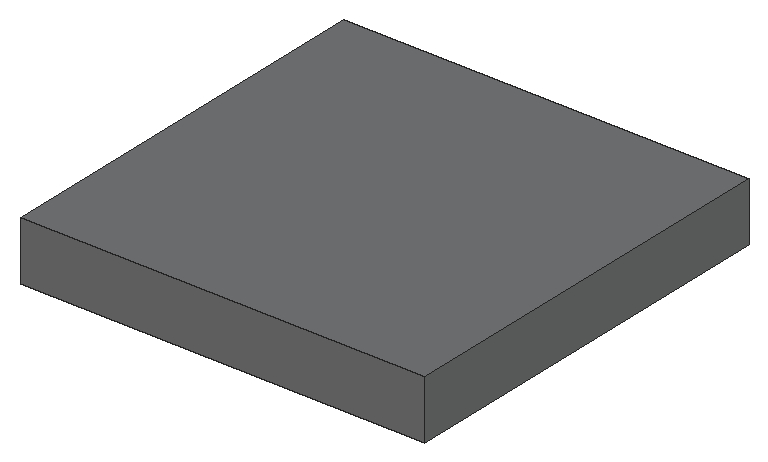
Revit family "Gira_5363600", category Electrical Fixtures, host Face, Revit 2017
Family settings
  Host = Face
  Maintain Annotation Orientation = No
  Round Connector Dimension = Use Diameter
  Part Type = Normal
  Cut with Voids When Loaded = No
  Shared = No
  Room Calculation Point = No
Parameters (values of type "S3000 op.top Memory System 55 stainl.steel")
  With LED indication = "No"
  URL = "http://katalog.gira.de/en/datenblatt.html?artikelnr=5363600"
  Transparent = "No"
  Suitable for application with venetian shutter switch = "Yes"
  Suitable for application with switch = "No"
  Suitable for application with dimmer = "No"
  Number of actuation points = "4"
  Name = "S3000 op.top Memory System 55 stainl.steel"
  Manufacturer URL = "https://www.gira.de/"
  Manufacturer = "Gira"
  Keynote = ""
  HeinzeBIM = "https://bimportal.heinze.de/bim/s3000-op-top-memory-system-55-stainl-steel/958b671ee1c265dd93fcb41feb372397036fab10"
  HAN = "5363600"
  GTIN = "4010337027393"
  Description = "S3000 op.top Memory Sys55 SST,System 3000 operating top unit Memory,,Stainless steel,Features:,- Save a time for raising and lowering blinds or a switch-on and switch-off time. In memory mode, these switching times are repeated every 24 hours.,- The blocking function blocks operation of the auxiliary unit and deactivates memory mode.,- Adjustbable night mode. Status LED and function LED are not lit up continuously."
  Default Elevation = 1219.2 mm
  Data sheet (1) = "https://katalog.gira.de/en/download.html?artikelnr=5363600"
  Category = "Intelligent control element"
  BIM (1) = "https://media.stage.bim.site/public/gira/36a6b08/Sys55_Abdeckung_Schalten und Tasten.rfa?public/gira/36a6b08/Sys55_Abdeckung_Schalten und Tasten.rfa"
  Available = "No"
  Application = "Control of electrical users"
  Anthrazit [instance] = Anthrazit
Reference planes
  plane 1 "Center (Front/Back)": y = 0
  plane 2: z = 0
  plane 3 "Center (Left/Right)": x = 0
Forms (mm)
  Extrusion 1, solid, material "Anthrazit" <- "Anthrazit", detail levels fine
    sketch origin (0, 0, 0) x (1, 0, 0) y (0, 1, 0)
      loop
        line (-27.5, 27.5) -> (-27.5, -27.5) -> (27.5, -27.5) -> (27.5, 27.5) -> (-27.5, 27.5)
    from 0 to 8
  Extrusion 2, void
    sketch origin (0, 0, 0) x (1, 0, 0) y (0, 1, 0)
      loop
        line (26, 26) -> (-26, 26) -> (-26, -26) -> (26, -26) -> (26, 26)
    from 0 to 6
  Extrusion 3, solid, material "Anthrazit" <- "Anthrazit", detail levels medium
    sketch origin (0, 0, 0) x (1, 0, 0) y (0, 1, 0)
      loop
        line (-27.5, 27.5) -> (-27.5, -27.5) -> (27.5, -27.5) -> (27.5, 27.5) -> (-27.5, 27.5)
    from 0 to 8
  Extrusion 4, solid, material "Anthrazit" <- "Anthrazit", detail levels medium
    sketch origin (0, 0, 0) x (1, 0, 0) y (0, 1, 0)
      loop
        line (11, -17.5) -> (11, 17.5) -> (-11, 17.5) -> (-11, -17.5) -> (11, -17.5)
    from -6 to 6
  Extrusion 5, solid, material "Anthrazit" <- "Anthrazit", detail levels fine
    sketch origin (0, 0, 0) x (1, 0, 0) y (0, 1, 0)
      loop
        line (11, 17.5) -> (-11, 17.5) -> (-11, 16.5) -> (11, 16.5) -> (11, 17.5)
      loop
        line (-11, -16.5) -> (-11, -17.5) -> (11, -17.5) -> (11, -16.5) -> (-11, -16.5)
    from -4 to 6
  Extrusion 6, solid, material "Anthrazit" <- "Anthrazit", detail levels fine
    sketch origin (0, 0, 0) x (1, 0, 0) y (0, 1, 0)
      loop
        arc (5, 9.347) -> (0, 10.6) -> (-5, 9.347) r 10.6
        line (-5, 9.347) -> (-5, -9.347)
        arc (-5, -9.347) -> (0, -10.6) -> (5, -9.347) r 10.6
        line (5, -9.347) -> (5, 9.347)
    from -6 to 6
  Extrusion 7, solid, material "Anthrazit" <- "Anthrazit", detail levels coarse
    sketch origin (0, 0, 0) x (1, 0, 0) y (0, 1, 0)
      loop
        line (-27.5, 27.5) -> (-27.5, -27.5) -> (27.5, -27.5) -> (27.5, 27.5) -> (-27.5, 27.5)
    from -6 to 8
Cuts and joins
  Extrusion 2 cuts Extrusion 1
Dimensions and locks
  aligned and locked: plane 2 to host face
  aligned and locked: level to host face
